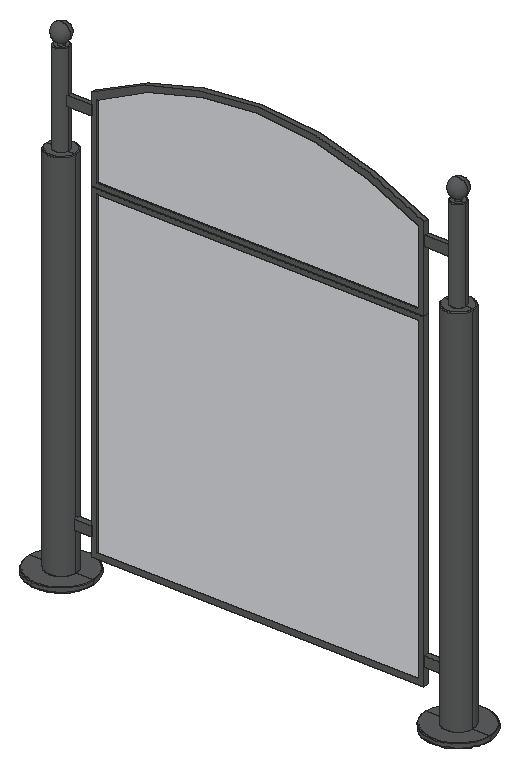
Revit family "Указатель стальной низкий арт.388", category Антураж, Revit 2017
Family settings
  На основе рабочей плоскости = Нет
  Всегда вертикально = Да
  При загрузке вырезать с полостями = Нет
  Источник визуального образа = Геометрия семейства
  Общий = Нет
  Точка расчета площади = Нет
Parameters (values of type "Указатель стальной низкий арт. 388")
  Стоимость = 14688
  Изготовитель = "ООО \"Хоббика\""
  Высота = 0 mm
  URL = "https://hobbyka.ru/product/ukazatel_stalnoi_nizkii_art_388/?sphrase_id=69590"
  ADSK_Размер_Ширина = 130 mm
  ADSK_Размер_Длина = 930 mm
  ADSK_Размер_Высота = 1000 mm
  ADSK_Наименование = "Указатель стальной низкий арт. 388"
  ADSK_Материал Опоры/Щита = Чугун, серый
  ADSK_Код изделия = "7369"
Reference planes
  plane 1 "По центру (Вперед/Назад)": y = 0
  plane 2: z = 0
  plane 3 "По центру (Влево/Вправо)": x = 0
Forms (mm)
  Revolve 1, solid, material "Чугун, серый" <- "ADSK_Материал Опоры/Щита"
    sketch origin (0, 0, 0) x (1, 0, 0) y (0, 0, 1)
      loop
        line (-401.08, 0) -> (-337.289, 0) -> (-336.08, 1.195) -> (-336.08, 8.791) -> (-337.289, 10) -> (-372.08, 10) -> (-372.08, 11) -> (-371.08, 11) -> (-371.08, 767.25) -> (-372.829, 769) -> (-387.08, 769) -> (-387.08, 770) -> (-386.08, 770) -> (-386.08, 955.852) -> (-387.228, 957) -> (-396.08, 957) -> (-396.08, 961.933)
        arc (-396.08, 961.933) -> (-383.258, 981.749) -> (-401.08, 997.224) r 18
        line (-401.08, 997.224) -> (-401.08, 0)
      axis (-401.08, 997.224) -> (-401.08, 0)
    angle from 0 to 360
  Revolve 2, solid, material "Чугун, серый" <- "ADSK_Материал Опоры/Щита"
    sketch origin (0, 0, 0) x (-1, 0, 0) y (0, 0, 1)
      loop
        line (-401.08, 0) -> (-337.289, 0) -> (-336.08, 1.195) -> (-336.08, 8.791) -> (-337.289, 10) -> (-372.08, 10) -> (-372.08, 11) -> (-371.08, 11) -> (-371.08, 767.25) -> (-372.829, 769) -> (-387.08, 769) -> (-387.08, 770) -> (-386.08, 770) -> (-386.08, 955.852) -> (-387.228, 957) -> (-396.08, 957) -> (-396.08, 961.933)
        arc (-396.08, 961.933) -> (-383.258, 981.749) -> (-401.08, 997.224) r 18
        line (-401.08, 997.224) -> (-401.08, 0)
      axis (-401.08, 997.224) -> (-401.08, 0)
    angle from 0 to 360
  Extrusion 3, solid, material "Чугун, серый" <- "ADSK_Материал Опоры/Щита"
    sketch origin (0, 0, 0) x (0, 1, 0) y (0, 0, 1)
      loop
        line (-5, 851.58) -> (5, 851.58) -> (5, 871.638) -> (-5, 871.638) -> (-5, 851.58)
    from -389.589 to -335
  Extrusion 4, solid, material "Чугун, серый" <- "ADSK_Материал Опоры/Щита"
    sketch origin (0, 0, -760.437) x (0, 1, 0) y (0, 0, 1)
      loop
        line (-5, 851.58) -> (5, 851.58) -> (5, 871.638) -> (-5, 871.638) -> (-5, 851.58)
    from -389.589 to -335
  Extrusion 5, solid, material "Чугун, серый" <- "ADSK_Материал Опоры/Щита"
    sketch origin (0, 0, 0) x (0, 1, 0) y (0, 0, -1)
      loop
        line (-5, -851.58) -> (-5, -871.638) -> (5, -871.638) -> (5, -851.58) -> (-5, -851.58)
    from -389.589 to -335
  Extrusion 6, solid, material "Чугун, серый" <- "ADSK_Материал Опоры/Щита"
    sketch origin (0, 0, -760.437) x (0, 1, 0) y (0, 0, -1)
      loop
        line (-5, -851.58) -> (-5, -871.638) -> (5, -871.638) -> (5, -851.58) -> (-5, -851.58)
    from -389.589 to -335
  Extrusion 7, solid, material "Чугун, серый" <- "ADSK_Материал Опоры/Щита"
    sketch origin (0, 0, 0) x (1, 0, 0) y (0, 0, 1)
      loop
        line (-325, 735.458) -> (325, 735.458) -> (325, 885.458)
        arc (325, 885.458) -> (0, 975.426) -> (-325, 885.458) r 631.998
        line (-325, 885.458) -> (-325, 735.458)
      loop
        line (335, 725.458) -> (335, 895.458)
        arc (335, 895.458) -> (0, 985.458) -> (-335, 895.458) r 668.472
        line (-335, 895.458) -> (-335, 725.458) -> (335, 725.458)
      loop
        line (335, 724.458) -> (-335, 724.458) -> (-335, 54.752) -> (335, 54.752) -> (335, 724.458)
      loop
        line (-325, 64.752) -> (325, 64.752) -> (325, 714.458) -> (-325, 714.458) -> (-325, 64.752)
    from -5 to 5
  Extrusion 8, solid
    sketch origin (0, 0, 0) x (1, 0, 0) y (0, 0, 1)
      loop
        line (-325, 735.458) -> (325, 735.458) -> (325, 885.458)
        arc (325, 885.458) -> (0, 975.426) -> (-325, 885.458) r 631.998
        line (-325, 885.458) -> (-325, 735.458)
      loop
        line (325, 714.458) -> (-325, 714.458) -> (-325, 64.752) -> (325, 64.752) -> (325, 714.458)
    from -3 to 3
  Extrusion 9, solid, material "Чугун, серый" <- "ADSK_Материал Опоры/Щита", not visible
    sketch origin (0, 0, 0) x (1, 0, 0) y (0, 0, 1)
      loop
        line (-325, 735.458) -> (325, 735.458) -> (325, 885.458)
        arc (325, 885.458) -> (0, 975.426) -> (-325, 885.458) r 631.998
        line (-325, 885.458) -> (-325, 735.458)
      loop
        line (335, 725.458) -> (335, 895.458)
        arc (335, 895.458) -> (0, 985.458) -> (-335, 895.458) r 668.472
        line (-335, 895.458) -> (-335, 725.458) -> (335, 725.458)
      loop
        line (335, 724.458) -> (-335, 724.458) -> (-335, 54.752) -> (335, 54.752) -> (335, 724.458)
      loop
        line (-325, 64.752) -> (325, 64.752) -> (325, 714.458) -> (-325, 714.458) -> (-325, 64.752)
    from -5 to 5
Cuts and joins
  joined: Revolve 2, Extrusion 5, Extrusion 6
  joined: Revolve 1, Extrusion 3, Extrusion 4
Dimensions and locks
  aligned and locked: level to plane 2
